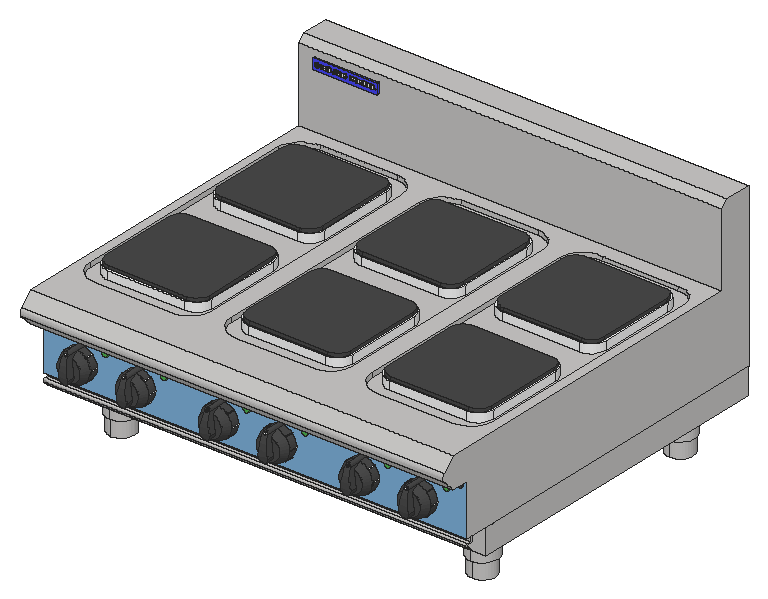
Revit family "QF_Moffat_E516S-B_Electric_Cooktop_cat", category Specialty Equipment, Revit 2019
Family settings
  Round Connector Dimension = Use Diameter
  Part Type = Normal
  Work Plane-Based = No
  Always vertical = Yes
  Cut with Voids When Loaded = No
  Shared = No
  Room Calculation Point = No
Parameters (values of type "E516S-B")
  Weight in Kilograms = 90
  Watts = 8800 W
  Volts = 400 V
  URL Cutsheet = ""
  Specification by User = ""
  Specification by Manufacturer = ""
  Show Logo [instance] = yes
  Serial Number = ""
  Seismic Rating = ""
  SMACNA No = ""
  Revision Code = ""
  Phase = 2
  Number of Poles = 1
  NAFEM Spec ID Number = ""
  Model = "E516S-B"
  Min Ckt Ampacity = 0 A
  Max Overcurrent Protection = 0 A
  Masterspec = ""
  Manufacturer = "Moffat"
  Length = 900 mm
  Item Number = ""
  Installed By = ""
  Identify Quantity as Lot = yes
  Height = 485 mm
  HP = ""
  Furnished By = ""
  Foodservice Equipment Identifier = yes
  FL Amps = 22 A
  Electrical Remarks = ""
  Electric Connection Type = ""
  Elec Conn RI Height = 0 mm
  Elec Conn Connection Height = 0 mm
  Description = "Electric Cooktop"
  Depth = 812.2 mm
  Cycle = 50 Hz
  Conn Plug = ""
  Conn Conduit = yes
  CSI MasterFormat = ""
  Apparent Power = if(Phase = 3, Volts * FL Amps * 1.73, Volts * FL Amps)  # 8800 VA
Reference planes
  plane 1 "BACK": y = 0
  plane 2: z = 0
  plane 3 "LEFT": x = 0
  plane 4 "RIGHT": x = 900
  plane 5 "FRONT": y = -812.2
  plane 6 "TOP": z = 485
  plane 7 "Center Y": x = 450
  plane 8 "Center X": y = -406.1
  plane 9: x = 65.5
  plane 10: x = 87.5
  plane 11: x = 211.766
  plane 12: y = -30
  plane 13: x = 770
  plane 14: x = 512.5
  plane 15: x = 388.234
  plane 16: x = 834.5
  plane 17: x = 812.5
  plane 18: x = 688.234
Forms (mm)
  Extrusion 1, solid, material "QF_Metal_Stainless_Polished"
    sketch origin (0, 0, 0) x (0, 1, 0) y (0, 0, 1)
      loop
        line (0, 140) -> (0, 485) -> (-57, 485) -> (-70, 472) -> (-70, 314.5) -> (-784.171, 314.5) -> (-808.685, 289.985)
        arc (-808.685, 289.985) -> (-812.2, 281.5) -> (-808.685, 273.015) r 12
        line (-808.685, 273.015) -> (-785.171, 249.5) -> (-749, 249.5) -> (-749, 140) -> (0, 140)
    from 0 to 900
  Extrusion 2, void
    sketch origin (0, -783.97, 314.5) x (0, 1, 0) y (-1, 0, 0)
      loop
        arc (683.77, -69) -> (669.125, -33.645) -> (633.77, -19) r 50
        line (633.77, -19) -> (133.569, -19)
        arc (133.569, -19) -> (98.214, -33.645) -> (83.569, -69) r 50
        line (83.569, -69) -> (83.569, -231)
        arc (83.569, -231) -> (98.214, -266.355) -> (133.569, -281) r 50
        line (133.569, -281) -> (633.77, -281)
        arc (633.77, -281) -> (669.125, -266.355) -> (683.77, -231) r 50
        line (683.77, -231) -> (683.77, -69)
      loop
        line (683.77, -831) -> (683.77, -669)
        arc (683.77, -669) -> (669.125, -633.645) -> (633.77, -619) r 50
        line (633.77, -619) -> (133.569, -619)
        arc (133.569, -619) -> (98.214, -633.645) -> (83.569, -669) r 50
        line (83.569, -669) -> (83.569, -831)
        arc (83.569, -831) -> (98.214, -866.355) -> (133.569, -881) r 50
        line (133.569, -881) -> (633.77, -881)
        arc (633.77, -881) -> (669.125, -866.355) -> (683.77, -831) r 50
      loop
        line (83.569, -369) -> (83.569, -531)
        arc (83.569, -531) -> (98.214, -566.355) -> (133.569, -581) r 50
        line (133.569, -581) -> (633.77, -581)
        arc (633.77, -581) -> (669.125, -566.355) -> (683.77, -531) r 50
        line (683.77, -531) -> (683.77, -369)
        arc (683.77, -369) -> (669.125, -333.645) -> (633.77, -319) r 50
        line (633.77, -319) -> (133.569, -319)
        arc (133.569, -319) -> (98.214, -333.645) -> (83.569, -369) r 50
    from 0 to -9.5
  Extrusion 3, solid, material "QF_Plastic_White_Smooth"
    sketch origin (0, -783.97, 305) x (0, 1, 0) y (-1, 0, 0)
      loop
        arc (647.77, -68) -> (638.397, -45.373) -> (615.77, -36) r 32
        line (615.77, -36) -> (451.569, -36)
        arc (451.569, -36) -> (428.942, -45.373) -> (419.569, -68) r 32
        line (419.569, -68) -> (419.569, -232)
        arc (419.569, -232) -> (428.942, -254.627) -> (451.569, -264) r 32
        line (451.569, -264) -> (615.77, -264)
        arc (615.77, -264) -> (638.397, -254.627) -> (647.77, -232) r 32
        line (647.77, -232) -> (647.77, -68)
      loop
        arc (347.569, -68) -> (338.197, -45.373) -> (315.569, -36) r 32
        line (315.569, -36) -> (151.569, -36)
        arc (151.569, -36) -> (128.942, -45.373) -> (119.569, -68) r 32
        line (119.569, -68) -> (119.569, -232)
        arc (119.569, -232) -> (128.942, -254.627) -> (151.569, -264) r 32
        line (151.569, -264) -> (315.569, -264)
        arc (315.569, -264) -> (338.197, -254.627) -> (347.569, -232) r 32
        line (347.569, -232) -> (347.569, -68)
      loop
        arc (647.77, -368) -> (638.397, -345.373) -> (615.77, -336) r 32
        line (615.77, -336) -> (451.569, -336)
        arc (451.569, -336) -> (428.942, -345.373) -> (419.569, -368) r 32
        line (419.569, -368) -> (419.569, -532)
        arc (419.569, -532) -> (428.942, -554.627) -> (451.569, -564) r 32
        line (451.569, -564) -> (615.77, -564)
        arc (615.77, -564) -> (638.397, -554.627) -> (647.77, -532) r 32
        line (647.77, -532) -> (647.77, -368)
      loop
        arc (347.569, -368) -> (338.197, -345.373) -> (315.569, -336) r 32
        line (315.569, -336) -> (151.569, -336)
        arc (151.569, -336) -> (128.942, -345.373) -> (119.569, -368) r 32
        line (119.569, -368) -> (119.569, -532)
        arc (119.569, -532) -> (128.942, -554.627) -> (151.569, -564) r 32
        line (151.569, -564) -> (315.569, -564)
        arc (315.569, -564) -> (338.197, -554.627) -> (347.569, -532) r 32
        line (347.569, -532) -> (347.569, -368)
      loop
        line (647.77, -832) -> (647.77, -668)
        arc (647.77, -668) -> (638.397, -645.373) -> (615.77, -636) r 32
        line (615.77, -636) -> (451.569, -636)
        arc (451.569, -636) -> (428.942, -645.373) -> (419.569, -668) r 32
        line (419.569, -668) -> (419.569, -832)
        arc (419.569, -832) -> (428.942, -854.627) -> (451.569, -864) r 32
        line (451.569, -864) -> (615.77, -864)
        arc (615.77, -864) -> (638.397, -854.627) -> (647.77, -832) r 32
      loop
        line (347.569, -832) -> (347.569, -668)
        arc (347.569, -668) -> (338.197, -645.373) -> (315.569, -636) r 32
        line (315.569, -636) -> (151.569, -636)
        arc (151.569, -636) -> (128.942, -645.373) -> (119.569, -668) r 32
        line (119.569, -668) -> (119.569, -832)
        arc (119.569, -832) -> (128.942, -854.627) -> (151.569, -864) r 32
        line (151.569, -864) -> (315.569, -864)
        arc (315.569, -864) -> (338.197, -854.627) -> (347.569, -832) r 32
    from 0 to 17.8
  Extrusion 4, solid, material "QF_Plastic_Black_Smooth"
    sketch origin (0, -783.97, 322.8) x (0, 1, 0) y (-1, 0, 0)
      loop
        arc (643.77, -67) -> (635.862, -47.908) -> (616.77, -40) r 27
        line (616.77, -40) -> (450.569, -40)
        arc (450.569, -40) -> (431.478, -47.908) -> (423.569, -67) r 27
        line (423.569, -67) -> (423.569, -233)
        arc (423.569, -233) -> (431.478, -252.092) -> (450.569, -260) r 27
        line (450.569, -260) -> (616.77, -260)
        arc (616.77, -260) -> (635.862, -252.092) -> (643.77, -233) r 27
        line (643.77, -233) -> (643.77, -67)
      loop
        arc (343.569, -67) -> (335.661, -47.908) -> (316.569, -40) r 27
        line (316.569, -40) -> (150.569, -40)
        arc (150.569, -40) -> (131.478, -47.908) -> (123.569, -67) r 27
        line (123.569, -67) -> (123.569, -233)
        arc (123.569, -233) -> (131.478, -252.092) -> (150.569, -260) r 27
        line (150.569, -260) -> (316.569, -260)
        arc (316.569, -260) -> (335.661, -252.092) -> (343.569, -233) r 27
        line (343.569, -233) -> (343.569, -67)
      loop
        line (643.77, -533) -> (643.77, -367)
        arc (643.77, -367) -> (635.862, -347.908) -> (616.77, -340) r 27
        line (616.77, -340) -> (450.569, -340)
        arc (450.569, -340) -> (431.478, -347.908) -> (423.569, -367) r 27
        line (423.569, -367) -> (423.569, -533)
        arc (423.569, -533) -> (431.478, -552.092) -> (450.569, -560) r 27
        line (450.569, -560) -> (616.77, -560)
        arc (616.77, -560) -> (635.862, -552.092) -> (643.77, -533) r 27
      loop
        line (343.569, -533) -> (343.569, -367)
        arc (343.569, -367) -> (335.661, -347.908) -> (316.569, -340) r 27
        line (316.569, -340) -> (150.569, -340)
        arc (150.569, -340) -> (131.478, -347.908) -> (123.569, -367) r 27
        line (123.569, -367) -> (123.569, -533)
        arc (123.569, -533) -> (131.478, -552.092) -> (150.569, -560) r 27
        line (150.569, -560) -> (316.569, -560)
        arc (316.569, -560) -> (335.661, -552.092) -> (343.569, -533) r 27
      loop
        line (643.77, -833) -> (643.77, -667)
        arc (643.77, -667) -> (635.862, -647.908) -> (616.77, -640) r 27
        line (616.77, -640) -> (450.569, -640)
        arc (450.569, -640) -> (431.478, -647.908) -> (423.569, -667) r 27
        line (423.569, -667) -> (423.569, -833)
        arc (423.569, -833) -> (431.478, -852.092) -> (450.569, -860) r 27
        line (450.569, -860) -> (616.77, -860)
        arc (616.77, -860) -> (635.862, -852.092) -> (643.77, -833) r 27
      loop
        line (343.569, -833) -> (343.569, -667)
        arc (343.569, -667) -> (335.661, -647.908) -> (316.569, -640) r 27
        line (316.569, -640) -> (150.569, -640)
        arc (150.569, -640) -> (131.478, -647.908) -> (123.569, -667) r 27
        line (123.569, -667) -> (123.569, -833)
        arc (123.569, -833) -> (131.478, -852.092) -> (150.569, -860) r 27
        line (150.569, -860) -> (316.569, -860)
        arc (316.569, -860) -> (335.661, -852.092) -> (343.569, -833) r 27
    from 0 to 6.1
  Extrusion 5, solid, material "QF_Metal_Stainless_Polished"
    sketch origin (0, 0, 0) x (0, 1, 0) y (0, 0, 1)
      loop
        line (-699, 85) -> (0, 85) -> (0, 140) -> (-699, 140) -> (-699, 85)
    from 0 to 900
  Extrusion 6, solid, material "QF_Metal_Stainless_Polished"
    sketch origin (0, 0, 0) x (0, 1, 0) y (0, 0, 1)
      loop
        line (-737.8, 140) -> (-737.8, 130) -> (-747.305, 130)
        arc (-747.305, 130) -> (-750.276, 128.015) -> (-749.579, 124.511) r 3.215
        line (-749.579, 124.511) -> (-739.05, 113.982) -> (-737.919, 115.113) -> (-748.447, 125.642)
        arc (-748.447, 125.642) -> (-748.797, 127.403) -> (-747.305, 128.4) r 1.615
        line (-747.305, 128.4) -> (-736.2, 128.4) -> (-736.2, 140) -> (-737.8, 140)
    from 0 to 900
  Extrusion 7, solid, material "QF_Metal_Stainless_Polished"
    sketch origin (450, 175.397, 1219.2) x (0, 1, 0) y (0, 0, 1)
      loop
        line (-874.397, -1109.2) -> (-896.434, -1109.2)
        arc (-896.434, -1109.2) -> (-898.034, -1110.8) -> (-896.434, -1112.4) r 1.6
        line (-896.434, -1112.4) -> (-874.397, -1112.4) -> (-874.397, -1109.2)
    from -400 to 400
  Extrusion 8, solid, material "QF_Paint_Green"
    sketch origin (0, -749, 140) x (0, 0, 1) y (-1, 0, 0)
      loop
        circle (84.8, -732.5) r 7.15
      loop
        circle (84.8, -857.5) r 7.15
      loop
        circle (84.8, -431.766) r 7.15
      loop
        circle (84.8, -556.766) r 7.15
      loop
        circle (84.8, -131.031) r 7.15
      loop
        circle (84.8, -256.031) r 7.15
    from 0 to 1.6
  Extrusion 9, solid, material "QF_Plastic_Black_Smooth"
    sketch origin (0, -749, 140) x (0, 0, 1) y (-1, 0, 0)
      loop
        circle (99.343, -13.157) r 5
      loop
        circle (99.343, -886.843) r 5
      loop
        circle (99.343, -87.5) r 5
      loop
        circle (99.343, -211.766) r 5
      loop
        circle (99.343, -388.234) r 5
      loop
        circle (99.343, -512.5) r 5
      loop
        circle (99.343, -688.234) r 5
      loop
        circle (99.343, -812.5) r 5
    from 0 to 1.6
  Extrusion 10, solid, material "QF_Metal_Stainless_Polished"
    sketch origin (-30, -697, 85) x (1, 0, 0) y (0, -1, 0)
      loop
        circle (800, -667) r 6.35
    from 0 to 1.6
Cuts and joins
  Extrusion 2 cuts Extrusion 1
Lines and regions (mm)
  symbolic lines
    curve 1: line (0, 0, 0) -> (900, 0, 0)
    curve 2: line (0, -812.2, 0) -> (0, 0, 0)
    curve 3: line (900, -812.2, 0) -> (0, -812.2, 0)
    curve 4: line (900, 0, 0) -> (900, -812.2, 0)
    curve 5: line (0, -784.171, 0) -> (900, -784.171, 0)
    curve 6: line (0, -57, 0) -> (900, -57, 0)
    curve 7: line (0, -70, 0) -> (900, -70, 0)
    curve 8: arc (19, -150.2, 0) -> (33.645, -114.845, 0) -> (69, -100.2, 0) r 50
    curve 9: line (69, -100.2, 0) -> (231, -100.2, 0)
    curve 10: arc (231, -100.2, 0) -> (266.355, -114.845, 0) -> (281, -150.2, 0) r 50
    curve 11: line (281, -150.2, 0) -> (281, -650.2, 0)
    curve 12: arc (281, -650.2, 0) -> (266.355, -685.555, 0) -> (231, -700.2, 0) r 50
    curve 13: line (231, -700.2, 0) -> (69, -700.2, 0)
    curve 14: arc (69, -700.2, 0) -> (33.645, -685.555, 0) -> (19, -650.2, 0) r 50
    curve 15: line (19, -650.2, 0) -> (19, -150.2, 0)
    curve 16: line (369, -100.2, 0) -> (531, -100.2, 0)
    curve 17: arc (531, -100.2, 0) -> (566.355, -114.845, 0) -> (581, -150.2, 0) r 50
    curve 18: line (581, -150.2, 0) -> (581, -650.2, 0)
    curve 19: arc (581, -650.2, 0) -> (566.355, -685.555, 0) -> (531, -700.2, 0) r 50
    curve 20: line (531, -700.2, 0) -> (369, -700.2, 0)
    curve 21: arc (369, -700.2, 0) -> (333.645, -685.555, 0) -> (319, -650.2, 0) r 50
    curve 22: line (319, -650.2, 0) -> (319, -150.2, 0)
    curve 23: arc (319, -150.2, 0) -> (333.645, -114.845, 0) -> (369, -100.2, 0) r 50
    curve 24: line (669, -100.2, 0) -> (831, -100.2, 0)
    curve 25: arc (831, -100.2, 0) -> (866.355, -114.845, 0) -> (881, -150.2, 0) r 50
    curve 26: line (881, -150.2, 0) -> (881, -650.2, 0)
    curve 27: arc (881, -650.2, 0) -> (866.355, -685.555, 0) -> (831, -700.2, 0) r 50
    curve 28: line (831, -700.2, 0) -> (669, -700.2, 0)
    curve 29: arc (669, -700.2, 0) -> (633.645, -685.555, 0) -> (619, -650.2, 0) r 50
    curve 30: line (619, -650.2, 0) -> (619, -150.2, 0)
    curve 31: arc (619, -150.2, 0) -> (633.645, -114.845, 0) -> (669, -100.2, 0) r 50
    curve 32: arc (668, -136.2, 0) -> (645.373, -145.573, 0) -> (636, -168.2, 0) r 32
    curve 33: line (636, -168.2, 0) -> (636, -332.2, 0)
    curve 34: arc (636, -332.2, 0) -> (645.373, -354.827, 0) -> (668, -364.2, 0) r 32
    curve 35: line (668, -364.2, 0) -> (832, -364.2, 0)
    curve 36: arc (832, -364.2, 0) -> (854.627, -354.827, 0) -> (864, -332.2, 0) r 32
    curve 37: line (864, -332.2, 0) -> (864, -168.2, 0)
    curve 38: arc (864, -168.2, 0) -> (854.627, -145.573, 0) -> (832, -136.2, 0) r 32
    curve 39: line (832, -136.2, 0) -> (668, -136.2, 0)
    curve 40: arc (667, -140.2, 0) -> (647.908, -148.108, 0) -> (640, -167.2, 0) r 27
    curve 41: line (640, -167.2, 0) -> (640, -333.2, 0)
    curve 42: arc (640, -333.2, 0) -> (647.908, -352.292, 0) -> (667, -360.2, 0) r 27
    curve 43: line (667, -360.2, 0) -> (833, -360.2, 0)
    curve 44: arc (833, -360.2, 0) -> (852.092, -352.292, 0) -> (860, -333.2, 0) r 27
    curve 45: line (860, -333.2, 0) -> (860, -167.2, 0)
    curve 46: arc (860, -167.2, 0) -> (852.092, -148.108, 0) -> (833, -140.2, 0) r 27
    curve 47: line (833, -140.2, 0) -> (667, -140.2, 0)
    curve 48: line (532, -136.2, 0) -> (368, -136.2, 0)
    curve 49: arc (368, -136.2, 0) -> (345.373, -145.573, 0) -> (336, -168.2, 0) r 32
    curve 50: line (336, -168.2, 0) -> (336, -332.2, 0)
    curve 51: arc (336, -332.2, 0) -> (345.373, -354.827, 0) -> (368, -364.2, 0) r 32
    curve 52: line (368, -364.2, 0) -> (532, -364.2, 0)
    curve 53: arc (532, -364.2, 0) -> (554.627, -354.827, 0) -> (564, -332.2, 0) r 32
    curve 54: line (564, -332.2, 0) -> (564, -168.2, 0)
    curve 55: arc (564, -168.2, 0) -> (554.627, -145.573, 0) -> (532, -136.2, 0) r 32
    curve 56: line (533, -140.2, 0) -> (367, -140.2, 0)
    curve 57: arc (367, -140.2, 0) -> (347.908, -148.108, 0) -> (340, -167.2, 0) r 27
    curve 58: line (340, -167.2, 0) -> (340, -333.2, 0)
    curve 59: arc (340, -333.2, 0) -> (347.908, -352.292, 0) -> (367, -360.2, 0) r 27
    curve 60: line (367, -360.2, 0) -> (533, -360.2, 0)
    curve 61: arc (533, -360.2, 0) -> (552.092, -352.292, 0) -> (560, -333.2, 0) r 27
    curve 62: line (560, -333.2, 0) -> (560, -167.2, 0)
    curve 63: arc (560, -167.2, 0) -> (552.092, -148.108, 0) -> (533, -140.2, 0) r 27
    curve 64: line (232, -136.2, 0) -> (68, -136.2, 0)
    curve 65: arc (68, -136.2, 0) -> (45.373, -145.573, 0) -> (36, -168.2, 0) r 32
    curve 66: line (36, -168.2, 0) -> (36, -332.2, 0)
    curve 67: arc (36, -332.2, 0) -> (45.373, -354.827, 0) -> (68, -364.2, 0) r 32
    curve 68: line (68, -364.2, 0) -> (232, -364.2, 0)
    curve 69: arc (232, -364.2, 0) -> (254.627, -354.827, 0) -> (264, -332.2, 0) r 32
    curve 70: line (264, -332.2, 0) -> (264, -168.2, 0)
    curve 71: arc (264, -168.2, 0) -> (254.627, -145.573, 0) -> (232, -136.2, 0) r 32
    curve 72: line (233, -140.2, 0) -> (67, -140.2, 0)
    curve 73: arc (67, -140.2, 0) -> (47.908, -148.108, 0) -> (40, -167.2, 0) r 27
    curve 74: line (40, -167.2, 0) -> (40, -333.2, 0)
    curve 75: arc (40, -333.2, 0) -> (47.908, -352.292, 0) -> (67, -360.2, 0) r 27
    curve 76: line (67, -360.2, 0) -> (233, -360.2, 0)
    curve 77: arc (233, -360.2, 0) -> (252.092, -352.292, 0) -> (260, -333.2, 0) r 27
    curve 78: line (260, -333.2, 0) -> (260, -167.2, 0)
    curve 79: arc (260, -167.2, 0) -> (252.092, -148.108, 0) -> (233, -140.2, 0) r 27
    curve 80: line (232, -436.2, 0) -> (68, -436.2, 0)
    curve 81: arc (68, -436.2, 0) -> (45.373, -445.573, 0) -> (36, -468.2, 0) r 32
    curve 82: line (36, -468.2, 0) -> (36, -632.2, 0)
    curve 83: arc (36, -632.2, 0) -> (45.373, -654.827, 0) -> (68, -664.2, 0) r 32
    curve 84: line (68, -664.2, 0) -> (232, -664.2, 0)
    curve 85: arc (232, -664.2, 0) -> (254.627, -654.827, 0) -> (264, -632.2, 0) r 32
    curve 86: line (264, -632.2, 0) -> (264, -468.2, 0)
    curve 87: arc (264, -468.2, 0) -> (254.627, -445.573, 0) -> (232, -436.2, 0) r 32
    curve 88: line (233, -440.2, 0) -> (67, -440.2, 0)
    curve 89: arc (67, -440.2, 0) -> (47.908, -448.108, 0) -> (40, -467.2, 0) r 27
    curve 90: line (40, -467.2, 0) -> (40, -633.2, 0)
    curve 91: arc (40, -633.2, 0) -> (47.908, -652.292, 0) -> (67, -660.2, 0) r 27
    curve 92: line (67, -660.2, 0) -> (233, -660.2, 0)
    curve 93: arc (233, -660.2, 0) -> (252.092, -652.292, 0) -> (260, -633.2, 0) r 27
    curve 94: line (260, -633.2, 0) -> (260, -467.2, 0)
    curve 95: arc (260, -467.2, 0) -> (252.092, -448.108, 0) -> (233, -440.2, 0) r 27
    curve 96: arc (340, -633.2, 0) -> (347.908, -652.292, 0) -> (367, -660.2, 0) r 27
    curve 97: line (367, -660.2, 0) -> (533, -660.2, 0)
    curve 98: arc (533, -660.2, 0) -> (552.092, -652.292, 0) -> (560, -633.2, 0) r 27
    curve 99: line (560, -633.2, 0) -> (560, -467.2, 0)
    curve 100: arc (560, -467.2, 0) -> (552.092, -448.108, 0) -> (533, -440.2, 0) r 27
    curve 101: line (533, -440.2, 0) -> (367, -440.2, 0)
    curve 102: arc (367, -440.2, 0) -> (347.908, -448.108, 0) -> (340, -467.2, 0) r 27
    curve 103: line (340, -467.2, 0) -> (340, -633.2, 0)
    curve 104: line (368, -664.2, 0) -> (532, -664.2, 0)
    curve 105: arc (532, -664.2, 0) -> (554.627, -654.827, 0) -> (564, -632.2, 0) r 32
    curve 106: line (564, -632.2, 0) -> (564, -468.2, 0)
    curve 107: arc (564, -468.2, 0) -> (554.627, -445.573, 0) -> (532, -436.2, 0) r 32
    curve 108: line (532, -436.2, 0) -> (368, -436.2, 0)
    curve 109: arc (368, -436.2, 0) -> (345.373, -445.573, 0) -> (336, -468.2, 0) r 32
    curve 110: line (336, -468.2, 0) -> (336, -632.2, 0)
    curve 111: arc (336, -632.2, 0) -> (345.373, -654.827, 0) -> (368, -664.2, 0) r 32
    curve 112: line (668, -664.2, 0) -> (832, -664.2, 0)
    curve 113: arc (832, -664.2, 0) -> (854.627, -654.827, 0) -> (864, -632.2, 0) r 32
    curve 114: line (864, -632.2, 0) -> (864, -468.2, 0)
    curve 115: arc (864, -468.2, 0) -> (854.627, -445.573, 0) -> (832, -436.2, 0) r 32
    curve 116: line (832, -436.2, 0) -> (668, -436.2, 0)
    curve 117: arc (668, -436.2, 0) -> (645.373, -445.573, 0) -> (636, -468.2, 0) r 32
    curve 118: line (636, -468.2, 0) -> (636, -632.2, 0)
    curve 119: arc (636, -632.2, 0) -> (645.373, -654.827, 0) -> (668, -664.2, 0) r 32
    curve 120: arc (640, -633.2, 0) -> (647.908, -652.292, 0) -> (667, -660.2, 0) r 27
    curve 121: line (667, -660.2, 0) -> (833, -660.2, 0)
    curve 122: arc (833, -660.2, 0) -> (852.092, -652.292, 0) -> (860, -633.2, 0) r 27
    curve 123: line (860, -633.2, 0) -> (860, -467.2, 0)
    curve 124: arc (860, -467.2, 0) -> (852.092, -448.108, 0) -> (833, -440.2, 0) r 27
    curve 125: line (833, -440.2, 0) -> (667, -440.2, 0)
    curve 126: arc (667, -440.2, 0) -> (647.908, -448.108, 0) -> (640, -467.2, 0) r 27
    curve 127: line (640, -467.2, 0) -> (640, -633.2, 0)
Dimensions and locks
  equal spacing: plane 3 "LEFT", plane 7 "Center Y", plane 4 "RIGHT"
  "Length": plane 3 "LEFT" to plane 4 "RIGHT"
  equal spacing: plane 5 "FRONT", plane 8 "Center X", plane 1 "BACK"
  "Depth": plane 5 "FRONT" to plane 1 "BACK"
  "Height": plane 6 "TOP" to level
  plane 4 "RIGHT" to plane 3 "LEFT" = 900 mm
  plane 1 "BACK" to cut or joined group of Extrusion 1, Extrusion 2 = 70 mm
  plane 1 "BACK" to plane 5 "FRONT" = 812.2 mm
  plane 6 "TOP" to plane 2 = 485 mm
  cut or joined group of Extrusion 1, Extrusion 2 to plane 2 = 314.5 mm
  plane 2 to Extrusion 5 = 85 mm
  plane 1 "BACK" to nested 5 = 100 mm
  nested 5 to nested 1 = 525 mm
  locked: plane 13 to plane 4 "RIGHT" at 130
  plane 9 to plane 16 = 769 mm
  plane 1 "BACK" to plane 12 = 30 mm
  aligned and locked: level to plane 2
Automatic sketch dimensions
  Extrusion 1 sketch curve to plane 6 "TOP" = 0 mm
  Extrusion 1 sketch curve to plane 1 "BACK" = 0 mm
  plane 1 "BACK" to Extrusion 1 sketch curve = 57 mm
  Extrusion 1 sketch curve to plane 6 "TOP" = 13 mm
  Extrusion 1 sketch curve to Extrusion 1 sketch curve = 13 mm
  Extrusion 1 sketch curve to plane 5 "FRONT" = 63.2 mm
  Extrusion 1 sketch curve to plane 5 "FRONT" = 28.029 mm
  Extrusion 1 sketch curve to plane 5 "FRONT" = 27.029 mm
  Extrusion 1 sketch curve to plane 5 "FRONT" = 12 mm
  Extrusion 1 sketch curve to plane 5 "FRONT" = 3.515 mm  (x2)
  Extrusion 1 sketch curve to plane 6 "TOP" = 170.5 mm
  Extrusion 1 sketch curve to Extrusion 1 sketch curve = 24.515 mm
  Extrusion 1 sketch curve to Extrusion 1 sketch curve = 8.485 mm
  Extrusion 1 sketch curve to Extrusion 1 sketch curve = 32 mm
  level to Extrusion 1 sketch curve = 140 mm
  Extrusion 5 sketch curve to plane 1 "BACK" = 0 mm
  Extrusion 5 sketch curve to plane 5 "FRONT" = 113.2 mm
  level to Extrusion 5 sketch curve = 85 mm
  Extrusion 5 sketch curve to Extrusion 5 sketch curve = 55 mm
  Extrusion 6 sketch curve to Extrusion 6 sketch curve = 0 mm  (x2)
  Extrusion 6 sketch curve to plane 5 "FRONT" = 62.621 mm
  Extrusion 6 sketch curve to Extrusion 6 sketch curve = 1.131 mm  (x3)
  Extrusion 6 sketch curve to Extrusion 6 sketch curve = 1.142 mm  (x2)
  Extrusion 6 sketch curve to Extrusion 6 sketch curve = 10.529 mm
  Extrusion 6 sketch curve to Extrusion 6 sketch curve = 9.505 mm
  Extrusion 6 sketch curve to Extrusion 6 sketch curve = 1.6 mm
  level to Extrusion 6 sketch curve = 113.982 mm
  Extrusion 6 sketch curve to Extrusion 6 sketch curve = 10 mm
  Extrusion 10 sketch curve to Extrusion 5 = 30 mm
  Extrusion 10 sketch curve to Extrusion 5 = 130 mm
  Extrusion 7 sketch curve to plane 5 "FRONT" = 91.163 mm
  Extrusion 7 sketch curve to Extrusion 7 sketch curve = 22.037 mm
  level to Extrusion 7 sketch curve = 106.8 mm
  Extrusion 7 sketch curve to Extrusion 7 sketch curve = 1.6 mm
  Extrusion 2 sketch curve to Extrusion 1 = 83.77 mm  (x2)
  Extrusion 1 to Extrusion 2 sketch curve = 19 mm
  Extrusion 2 sketch curve to Extrusion 2 sketch curve = 50 mm  (x9)
  Extrusion 1 to Extrusion 2 sketch curve = 80.2 mm  (x3)
  Extrusion 2 sketch curve to Extrusion 2 sketch curve = 0 mm  (x2)
  Extrusion 1 to Extrusion 2 sketch curve = 30.2 mm  (x2)
  Extrusion 2 sketch curve to Extrusion 2 sketch curve = 162 mm  (x2)
  Extrusion 2 sketch curve to Extrusion 2 sketch curve = 38 mm
  Extrusion 1 to Extrusion 2 sketch curve = 69 mm
  Extrusion 3 sketch curve to Extrusion 2 = 36 mm  (x3)
  Extrusion 3 sketch curve to Extrusion 3 sketch curve = 32 mm  (x18)
  Extrusion 3 sketch curve to Extrusion 2 = 17 mm  (x7)
  Extrusion 3 sketch curve to Extrusion 2 = 49 mm  (x3)
  Extrusion 3 sketch curve to Extrusion 3 sketch curve = 164 mm  (x5)
  Extrusion 3 sketch curve to Extrusion 3 sketch curve = 0 mm
  Extrusion 3 sketch curve to Extrusion 3 sketch curve = 72 mm  (x5)
  Extrusion 3 sketch curve to Extrusion 2 = 68 mm  (x6)
  Extrusion 4 sketch curve to Extrusion 3 = 4 mm  (x23)
  Extrusion 4 sketch curve to Extrusion 4 sketch curve = 27 mm  (x5)
  Extrusion 4 sketch curve to Extrusion 3 = 31 mm  (x20)
  Extrusion 2 sketch curve to Extrusion 2 sketch curve = 88 mm
  Extrusion 1 to Extrusion 8 sketch curve = 24.7 mm  (x6)
  Extrusion 1 to Extrusion 8 sketch curve = 42.5 mm
  Extrusion 8 sketch curve to Extrusion 8 sketch curve = 125 mm  (x3)
  Extrusion 8 sketch curve to Extrusion 8 sketch curve = 175.734 mm  (x2)
  curve 3 to plane 3 "LEFT" = 0 mm
  curve 3 to plane 4 "RIGHT" = 0 mm
  plane 1 "BACK" to curve 2 = 0 mm
  curve 4 to plane 5 "FRONT" = 0 mm
  curve 2 to curve 5 = 28.029 mm
  plane 12 to curve 6 = 27 mm
  curve 7 to curve 6 = 13 mm
  plane 3 "LEFT" to curve 15 = 19 mm
  curve 14 to plane 9 = 3.5 mm
  curve 8 to plane 9 = 3.5 mm
  plane 11 to curve 13 = 19.234 mm
  plane 11 to curve 9 = 19.234 mm
  curve 12 to curve 11 = 50 mm
  curve 5 to curve 13 = 83.971 mm
  curve 8 to curve 7 = 80.2 mm
  curve 11 to curve 22 = 38 mm
  plane 15 to curve 23 = 19.234 mm
  plane 15 to curve 21 = 19.234 mm
  plane 14 to curve 17 = 18.5 mm
  plane 14 to curve 20 = 18.5 mm
  curve 19 to curve 18 = 50 mm
  curve 20 to plane 5 "FRONT" = 112 mm
  curve 11 to curve 23 = 0 mm
  curve 18 to curve 30 = 38 mm
  plane 18 to curve 31 = 19.234 mm
  plane 18 to curve 29 = 19.234 mm
  curve 25 to plane 16 = 3.5 mm
  curve 28 to plane 16 = 3.5 mm
  plane 4 "RIGHT" to curve 26 = 19 mm
  curve 28 to curve 18 = 50 mm
  curve 17 to curve 30 = 0 mm
  curve 31 to curve 33 = 17 mm
  plane 18 to curve 34 = 20.234 mm
  curve 32 to curve 31 = 1 mm
  curve 35 to plane 16 = 2.5 mm
  curve 39 to plane 16 = 2.5 mm
  curve 37 to curve 25 = 17 mm
  plane 8 "Center X" to curve 35 = 41.9 mm
  curve 32 to curve 31 = 18 mm
  curve 33 to curve 41 = 4 mm
  curve 40 to curve 32 = 1 mm
  curve 42 to curve 34 = 1 mm
  curve 36 to curve 44 = 1 mm
  curve 38 to curve 46 = 1 mm
  curve 45 to curve 37 = 4 mm
  curve 36 to curve 43 = 4 mm
  curve 32 to curve 41 = 1 mm
  curve 23 to curve 50 = 17 mm
  curve 49 to curve 23 = 1 mm
  plane 15 to curve 51 = 20.234 mm
  plane 14 to curve 53 = 19.5 mm
  curve 17 to curve 55 = 1 mm
  curve 54 to curve 17 = 17 mm
  plane 8 "Center X" to curve 52 = 41.9 mm
  curve 49 to curve 23 = 18 mm
  curve 49 to curve 58 = 4 mm
  curve 60 to curve 51 = 1 mm
  curve 57 to curve 49 = 1 mm
  curve 53 to curve 61 = 1 mm
  curve 55 to curve 63 = 1 mm
  curve 62 to curve 54 = 4 mm
  curve 51 to curve 60 = 4 mm
  curve 49 to curve 57 = 1 mm
  curve 8 to curve 66 = 17 mm
  curve 68 to plane 9 = 2.5 mm
  curve 64 to plane 9 = 2.5 mm
  curve 10 to curve 71 = 1 mm
  plane 11 to curve 69 = 20.234 mm
  curve 70 to curve 10 = 17 mm
  plane 8 "Center X" to curve 68 = 41.9 mm
  curve 65 to curve 8 = 18 mm
  curve 65 to curve 74 = 4 mm
  curve 72 to plane 9 = 1.5 mm
  curve 75 to curve 67 = 1 mm
  curve 69 to curve 77 = 1 mm
  curve 71 to curve 79 = 1 mm  (x2)
  curve 78 to curve 70 = 4 mm
  curve 69 to curve 76 = 4 mm
  plane 9 to curve 82 = 29.5 mm
  curve 84 to plane 9 = 2.5 mm
  curve 81 to plane 9 = 2.5 mm
  curve 12 to curve 85 = 1 mm
  plane 11 to curve 87 = 20.234 mm
  curve 86 to curve 11 = 17 mm
  curve 84 to curve 14 = 14 mm
  curve 81 to plane 8 "Center X" = 62.1 mm
  curve 83 to curve 90 = 4 mm
  curve 91 to curve 83 = 1 mm
  curve 89 to curve 81 = 1 mm
  curve 87 to curve 88 = 1 mm
  curve 85 to curve 92 = 1 mm
  curve 94 to curve 86 = 4 mm
  curve 83 to curve 92 = 4 mm
  curve 81 to curve 89 = 1 mm
  curve 22 to curve 103 = 21 mm
  plane 15 to curve 101 = 21.234 mm
  curve 96 to curve 21 = 2 mm
  plane 14 to curve 101 = 20.5 mm
  curve 19 to curve 97 = 2 mm
  curve 100 to curve 99 = 27 mm
  curve 97 to curve 19 = 10 mm
  curve 103 to plane 8 "Center X" = 61.1 mm
  curve 110 to curve 96 = 4 mm
  curve 97 to curve 104 = 1 mm
  curve 102 to curve 109 = 1 mm
  curve 104 to curve 97 = 1 mm
  curve 108 to curve 101 = 1 mm
  curve 100 to curve 106 = 4 mm
  curve 104 to curve 97 = 4 mm
  curve 109 to curve 102 = 1 mm
  plane 18 to curve 118 = 52.234 mm
  curve 112 to curve 29 = 1 mm
  plane 18 to curve 116 = 20.234 mm
  curve 116 to plane 16 = 2.5 mm
  curve 113 to plane 16 = 2.5 mm
  curve 114 to curve 26 = 17 mm
  curve 112 to curve 29 = 14 mm
  curve 118 to plane 8 "Center X" = 62.1 mm
  curve 117 to curve 127 = 4 mm
  curve 126 to curve 117 = 1 mm
  curve 120 to curve 119 = 1 mm
  curve 115 to curve 124 = 1 mm
  curve 113 to curve 122 = 1 mm
  curve 123 to curve 114 = 4 mm
  curve 113 to curve 121 = 4 mm
  curve 117 to curve 127 = 1 mm
  Extrusion 1 to Extrusion 9 sketch curve = 10.157 mm  (x8)
  Extrusion 1 to Extrusion 9 sketch curve = 13.157 mm  (x2)
  Extrusion 9 sketch curve to Extrusion 9 sketch curve = 74.343 mm
  Extrusion 9 sketch curve to Extrusion 9 sketch curve = 124.266 mm  (x2)
  Extrusion 9 sketch curve to Extrusion 9 sketch curve = 175.734 mm
  Extrusion 9 sketch curve to Extrusion 9 sketch curve = 176.469 mm
  Extrusion 1 to Extrusion 9 sketch curve = 87.5 mm
  radius of Extrusion 10 sketch curve = 6.35 mm
  radius of Extrusion 8 sketch curve = 7.15 mm  (x6)
  radius of Extrusion 9 sketch curve = 5 mm  (x8)
Nested families
  nested 1: "Small Leg" at (33.75, -593.25, 0), type "Small Leg"
  nested 2: "Small Leg" at (866.25, -593.25, 0) x (-1, 0, 0) z (0, 0, 1), type "Small Leg"
  nested 3: "Knob" at (55.003, -749, 162.803), type "Knob"
  nested 4: "Knob" at (179.269, -749, 162.803), type "Knob"
  nested 5: "Small Leg" at (33.75, -68.25, 0), type "Small Leg"
  nested 6: "Small Leg" at (866.25, -68.25, 0) x (-1, 0, 0) z (0, 0, 1), type "Small Leg"
  nested 7: "QF_LOGO_BLue Seal" at (32, -70, 433.885), visible <- "Show Logo", type "QF_LOGO_BLue Seal"
  nested 8: "Knob" at (355.738, -749, 162.803), type "Knob"
  nested 9: "Knob" at (480.003, -749, 162.803), type "Knob"
  nested 10: "Knob" at (655.738, -749, 162.803), type "Knob"
  nested 11: "Knob" at (780.003, -749, 162.803), type "Knob"
Connectors
  electrical at (770, -30, 83.4), driven by "Volts", driven by "Watts"
    settings: on Extrusion 10, index 1, voltage 400 V, apparent load 8800 VA, apparent load phase1 0 VA, apparent load phase2 0 VA, apparent load phase3 0 VA, power factor 1, load classification "Other", number of poles 1, system type 30, power factor state 1, is connector primary yes, connector utility no, sub classification motor no, connector description "Electrical Connection"
Definition of nested family "Small Leg"
  Parameters (values of type "Small Leg")
    Weight in Pounds = 0
    URL Cutsheet = ""
    Specification by User = ""
    Specification by Manufacturer = ""
    Serial Number = ""
    Seismic Rating = ""
    SMACNA No = ""
    Revision Code = ""
    NAFEM Spec ID Number = ""
    Masterspec = ""
    Length = 63.5 mm
    Item Number = ""
    Installed By = ""
    Identify Quantity as Lot = yes
    Height = 85 mm
    Furnished By = ""
    Foodservice Equipment Identifier = yes
    Depth = 63.5 mm
    CSI MasterFormat = ""
  Reference planes
    plane 1 "BACK": y = 0
    plane 2: z = 0
    plane 3 "LEFT": x = 0
    plane 4 "RIGHT": x = 63.5
    plane 5 "FRONT": y = -63.5
    plane 6 "TOP": z = 85
    plane 7 "Center Y": x = 31.75
    plane 8 "Center X": y = -31.75
  Forms (mm)
    Revolve 1, solid
      sketch origin (31.75, 175.397, 1219.2) x (0, 1, 0) y (0, 0, 1)
        loop
          line (-207.147, -1134.2) -> (-207.147, -1219.2) -> (-179.647, -1219.2) -> (-179.647, -1184.2) -> (-175.397, -1184.2) -> (-175.397, -1134.2) -> (-207.147, -1134.2)
        axis (-207.147, -1134.2) -> (-207.147, -1219.2)
      angle from 0 to 360
  Dimensions and locks
    equal spacing: plane 3 "LEFT", plane 7 "Center Y", plane 4 "RIGHT"
    "Length": plane 3 "LEFT" to plane 4 "RIGHT"
    equal spacing: plane 5 "FRONT", plane 8 "Center X", plane 1 "BACK"
    "Depth": plane 5 "FRONT" to plane 1 "BACK"
    "Height": plane 6 "TOP" to level
    plane 4 "RIGHT" to plane 3 "LEFT" = 63.5 mm
    aligned and locked: level to plane 2
  Automatic sketch dimensions
    Revolve 1 sketch curve to plane 6 "TOP" = 0 mm
    Revolve 1 sketch curve to plane 8 "Center X" = 0 mm  (x2)
    Revolve 1 sketch curve to level = 0 mm  (x2)
    Revolve 1 sketch curve to plane 1 "BACK" = 0 mm
    Revolve 1 sketch curve to Revolve 1 sketch curve = 4.25 mm
    level to Revolve 1 sketch curve = 35 mm
    Revolve 1 sketch curve to Revolve 1 sketch curve = 20 mm
Definition of nested family "Knob"
  Parameters (values of type "Knob")
    Weight in Pounds = 0
    URL Cutsheet = ""
    Specification by User = ""
    Specification by Manufacturer = ""
    Serial Number = ""
    Seismic Rating = ""
    SMACNA No = ""
    Revision Code = ""
    NAFEM Spec ID Number = ""
    Masterspec = ""
    Length = 65 mm
    Item Number = ""
    Installed By = ""
    Identify Quantity as Lot = yes
    Height = 69.5 mm
    Furnished By = ""
    Foodservice Equipment Identifier = yes
    Depth = 59 mm
    CSI MasterFormat = ""
  Reference planes
    plane 1 "BACK": y = 0
    plane 2: z = 0
    plane 3 "LEFT": x = 0
    plane 4 "RIGHT": x = 65
    plane 5 "FRONT": y = -59
    plane 6 "TOP": z = 69.5
    plane 7 "Center Y": x = 32.5
    plane 8 "Center X": y = -29.5
  Forms (mm)
    Revolve 1, solid
      sketch origin (32.5, 175.397, 1219.2) x (0, 1, 0) y (0, 0, 1)
        loop
          line (-175.397, -1186.7) -> (-219.397, -1186.7) -> (-219.397, -1211.501) -> (-202.106, -1219.2) -> (-185.397, -1219.2) -> (-185.397, -1191.7) -> (-175.397, -1191.7) -> (-175.397, -1186.7)
        axis (-219.397, -1186.7) -> (-175.397, -1186.7)
      angle from 0 to 360
    Extrusion 2, solid
      sketch origin (32.5, 175.397, 1219.2) x (0, 1, 0) y (0, 0, 1)
        loop
          line (-202.106, -1154.2) -> (-185.397, -1154.2) -> (-185.397, -1149.7) -> (-224.105, -1149.7)
          arc (-224.105, -1149.7) -> (-233.965, -1178.467) -> (-230.696, -1208.7) r 70
          line (-230.696, -1208.7) -> (-219.397, -1208.7) -> (-219.397, -1161.899) -> (-202.106, -1154.2)
      from -15 to 15
    Extrusion 3, void
      sketch origin (0, 0, 0) x (1, 0, 0) y (0, 0, 1)
        loop
          line (27.501, 64.613) -> (22.02, 20.585)
          arc (22.02, 20.585) -> (32.792, 10.488) -> (42.986, 21.169) r 10.487
          line (42.986, 21.169) -> (37.499, 64.613)
          arc (37.499, 64.613) -> (32.5, 69.5) -> (27.501, 64.613) r 5
        loop
          line (10, 72.977) -> (10, 5.625) -> (55, 5.625) -> (55, 72.977) -> (10, 72.977)
      from 6.142 to 69.687
    Extrusion 4, solid
      sketch origin (0, -34.115, -16.916) x (1, 0, 0) y (0, 0.45399, 0.891007)
        loop
          circle (32.497, 65) r 2
      from 51.525 to 53.075
    Extrusion 5, solid
      sketch origin (32.5, -10, 32.5) x (0, 0, -1) y (-1, 0, 0)
        loop
          line (-23.54, -22.408) -> (-24.106, -22.974)
          arc (-24.106, -22.974) -> (-23.547, -23.547) -> (-22.974, -24.106) r 33.3
          line (-22.974, -24.106) -> (-22.408, -23.54)
          arc (-22.408, -23.54) -> (-22.981, -22.981) -> (-23.54, -22.408) r 32.5
        loop
          arc (-0.8, -33.29) -> (0, -33.3) -> (0.8, -33.29) r 33.3
          line (0.8, -33.29) -> (0.8, -32.49)
          arc (0.8, -32.49) -> (0, -32.5) -> (-0.8, -32.49) r 32.5
          line (-0.8, -32.49) -> (-0.8, -33.29)
        loop
          arc (23.54, -22.408) -> (22.981, -22.981) -> (22.408, -23.54) r 32.5
          line (22.408, -23.54) -> (22.974, -24.106)
          arc (22.974, -24.106) -> (23.547, -23.547) -> (24.106, -22.974) r 33.3
          line (24.106, -22.974) -> (23.54, -22.408)
        loop
          arc (-23.54, 22.408) -> (-22.981, 22.981) -> (-22.408, 23.54) r 32.5
          line (-22.408, 23.54) -> (-22.974, 24.106)
          arc (-22.974, 24.106) -> (-23.547, 23.547) -> (-24.106, 22.974) r 33.3
          line (-24.106, 22.974) -> (-23.54, 22.408)
        loop
          line (-0.8, 33.29) -> (-0.8, 32.49)
          arc (-0.8, 32.49) -> (0, 32.5) -> (0.8, 32.49) r 32.5
          line (0.8, 32.49) -> (0.8, 33.29)
          arc (0.8, 33.29) -> (0, 33.3) -> (-0.8, 33.29) r 33.3
        loop
          line (32.49, -0.8) -> (33.29, -0.8)
          arc (33.29, -0.8) -> (33.3, 0) -> (33.29, 0.8) r 33.3
          line (33.29, 0.8) -> (32.49, 0.8)
          arc (32.49, 0.8) -> (32.5, 0) -> (32.49, -0.8) r 32.5
        loop
          arc (24.106, 22.974) -> (23.547, 23.547) -> (22.974, 24.106) r 33.3
          line (22.974, 24.106) -> (22.408, 23.54)
          arc (22.408, 23.54) -> (22.981, 22.981) -> (23.54, 22.408) r 32.5
          line (23.54, 22.408) -> (24.106, 22.974)
      from 0 to -16.709
  Cuts and joins
    Extrusion 3 cuts Extrusion 2
  Dimensions and locks
    equal spacing: plane 3 "LEFT", plane 7 "Center Y", plane 4 "RIGHT"
    "Length": plane 3 "LEFT" to plane 4 "RIGHT"
    equal spacing: plane 5 "FRONT", plane 8 "Center X", plane 1 "BACK"
    "Depth": plane 5 "FRONT" to plane 1 "BACK"
    "Height": plane 6 "TOP" to level
    plane 4 "RIGHT" to plane 3 "LEFT" = 65 mm
    aligned and locked: level to plane 2
  Automatic sketch dimensions
    Revolve 1 sketch curve to level = 0 mm
    Revolve 1 sketch curve to plane 1 "BACK" = 0 mm  (x2)
    plane 1 "BACK" to Revolve 1 sketch curve = 10 mm
    plane 8 "Center X" to Revolve 1 sketch curve = 2.791 mm
    Revolve 1 sketch curve to plane 8 "Center X" = 14.5 mm
    level to Revolve 1 sketch curve = 7.699 mm
    level to Revolve 1 sketch curve = 27.5 mm
    Revolve 1 sketch curve to Revolve 1 sketch curve = 5 mm
    Revolve 1 sketch curve to Revolve 1 sketch curve = 35 mm
    Revolve 1 sketch curve to Revolve 1 sketch curve = 0 mm
    Extrusion 2 sketch curve to plane 6 "TOP" = 0 mm
    Extrusion 2 sketch curve to plane 5 "FRONT" = 3.702 mm
    Extrusion 2 sketch curve to plane 5 "FRONT" = 10.293 mm
    Extrusion 2 sketch curve to Extrusion 2 sketch curve = 11.298 mm
    plane 8 "Center X" to Extrusion 2 sketch curve = 2.791 mm
    plane 1 "BACK" to Extrusion 2 sketch curve = 10 mm
    Extrusion 2 sketch curve to plane 1 "BACK" = 11 mm
    Extrusion 2 sketch curve to plane 6 "TOP" = 4.5 mm
    Extrusion 2 sketch curve to plane 6 "TOP" = 12.199 mm
    level to Extrusion 2 sketch curve = 32.962 mm
    level to Extrusion 3 sketch curve = 5.625 mm
    Extrusion 3 sketch curve to plane 7 "Center Y" = 0 mm  (x2)
    Extrusion 3 sketch curve to plane 7 "Center Y" = 4.999 mm
    Extrusion 3 sketch curve to plane 7 "Center Y" = 10.48 mm
    plane 6 "TOP" to Extrusion 3 sketch curve = 3.477 mm
    plane 3 "LEFT" to Extrusion 3 sketch curve = 10 mm
    Extrusion 3 sketch curve to plane 6 "TOP" = 4.887 mm
    Extrusion 3 sketch curve to Extrusion 3 sketch curve = 4.999 mm
    plane 7 "Center Y" to Extrusion 3 sketch curve = 10.486 mm
    level to Extrusion 3 sketch curve = 20.585 mm
    Extrusion 3 sketch curve to Extrusion 3 sketch curve = 0.387 mm
    Extrusion 3 sketch curve to Extrusion 3 sketch curve = 0.113 mm
    plane 4 "RIGHT" to Extrusion 3 sketch curve = 10 mm
    Extrusion 5 sketch curve to Revolve 1 = 32.49 mm
    Revolve 1 to Extrusion 5 sketch curve = 32.49 mm
    Extrusion 5 sketch curve to Revolve 1 = 23.54 mm  (x2)
    Revolve 1 to Extrusion 5 sketch curve = 23.54 mm  (x2)
    Extrusion 5 sketch curve to Revolve 1 = 24.106 mm  (x2)
    Revolve 1 to Extrusion 5 sketch curve = 24.106 mm  (x2)
    Revolve 1 to Extrusion 5 sketch curve = 22.408 mm  (x2)
    Extrusion 5 sketch curve to Revolve 1 = 22.408 mm  (x2)
    Revolve 1 to Extrusion 5 sketch curve = 22.974 mm  (x2)
    Extrusion 5 sketch curve to Revolve 1 = 22.974 mm  (x2)
    Extrusion 5 sketch curve to Extrusion 5 sketch curve = 1.6 mm  (x2)
    Revolve 1 to Extrusion 5 sketch curve = 0.8 mm
    Extrusion 5 sketch curve to Revolve 1 = 0.8 mm
    Extrusion 4 sketch curve to plane 7 "Center Y" = 0.003 mm
    radius of Extrusion 5 sketch curve to Revolve 1 = 0 mm  (x7)
    radius of Revolve 1 to Extrusion 5 sketch curve = 0.8 mm  (x7)
    radius of Extrusion 4 sketch curve = 2 mm
Definition of nested family "QF_LOGO_BLue Seal"
  Parameters (values of type "QF_LOGO_BLue Seal")
    Weight in Pounds = 0
    URL Cutsheet = ""
    Specification by User = ""
    Specification by Manufacturer = ""
    Serial Number = ""
    Seismic Rating = ""
    SMACNA No = ""
    Revision Code = ""
    NAFEM Spec ID Number = ""
    Masterspec = ""
    Length = 138 mm
    Item Number = ""
    Installed By = ""
    Identify Quantity as Lot = yes
    Height = 23 mm
    Furnished By = ""
    Foodservice Equipment Identifier = yes
    Depth = 3.175 mm
    CSI MasterFormat = ""
  Reference planes
    plane 1 "BACK": y = 0
    plane 2: z = 0
    plane 3 "LEFT": x = 0
    plane 4 "RIGHT": x = 138
    plane 5 "FRONT": y = -3.175
    plane 6 "TOP": z = 23
    plane 7 "Center Y": x = 69
    plane 8 "Center X": y = -1.587
  Forms (mm)
    Extrusion 1, solid
      sketch origin (0, 0, 0) x (1, 0, 0) y (0, 0, 1)
        loop
          arc (2, 23) -> (0.586, 22.414) -> (0, 21) r 2
          line (0, 21) -> (0, 2)
          arc (0, 2) -> (0.586, 0.586) -> (2, 0) r 2
          line (2, 0) -> (136, 0)
          arc (136, 0) -> (137.414, 0.586) -> (138, 2) r 2
          line (138, 2) -> (138, 21)
          arc (138, 21) -> (137.414, 22.414) -> (136, 23) r 2
          line (136, 23) -> (2, 23)
        loop
          arc (16.625, 15.317) -> (15.943, 15.034) -> (15.66, 14.352) r 0.965
          line (15.66, 14.352) -> (15.66, 8.169)
          arc (15.66, 8.169) -> (15.953, 7.461) -> (16.66, 7.169) r 1
          line (16.66, 7.169) -> (27.958, 7.169)
          arc (27.958, 7.169) -> (29.995, 9.206) -> (27.958, 11.243) r 2.037
          arc (27.958, 11.243) -> (29.995, 13.28) -> (27.958, 15.317) r 2.037
          line (27.958, 15.317) -> (16.625, 15.317)
        loop
          line (21.163, 13.835) -> (21.163, 12.291) -> (23.596, 12.291)
          arc (23.596, 12.291) -> (24.368, 13.063) -> (23.596, 13.835) r 0.772
          line (23.596, 13.835) -> (21.163, 13.835)
        loop
          line (21.163, 8.544) -> (23.596, 8.544)
          arc (23.596, 8.544) -> (24.368, 9.316) -> (23.596, 10.089) r 0.772
          line (23.596, 10.089) -> (21.163, 10.089) -> (21.163, 8.544)
        loop
          arc (32.475, 15.317) -> (31.768, 15.024) -> (31.475, 14.317) r 1
          line (31.475, 14.317) -> (31.475, 8.169)
          arc (31.475, 8.169) -> (31.768, 7.461) -> (32.475, 7.169) r 1
          line (32.475, 7.169) -> (41.849, 7.169)
          arc (41.849, 7.169) -> (42.859, 8.178) -> (41.849, 9.188) r 1.01
          line (41.849, 9.188) -> (37.262, 9.188) -> (37.262, 14.317)
          arc (37.262, 14.317) -> (36.969, 15.024) -> (36.262, 15.317) r 1
          line (36.262, 15.317) -> (32.475, 15.317)
        loop
          arc (44.648, 15.317) -> (43.941, 15.024) -> (43.648, 14.317) r 1
          line (43.648, 14.317) -> (43.648, 9.124)
          arc (43.648, 9.124) -> (44.221, 7.741) -> (45.604, 7.169) r 1.956
          line (45.604, 7.169) -> (55.306, 7.169)
          arc (55.306, 7.169) -> (56.749, 7.766) -> (57.347, 9.209) r 2.04
          line (57.347, 9.209) -> (57.347, 14.358)
          arc (57.347, 14.358) -> (57.066, 15.036) -> (56.388, 15.317) r 0.959
          line (56.388, 15.317) -> (52.676, 15.317)
          arc (52.676, 15.317) -> (51.968, 15.024) -> (51.676, 14.317) r 1
          line (51.676, 14.317) -> (51.676, 10.17)
          arc (51.676, 10.17) -> (50.529, 9.024) -> (49.383, 10.17) r 1.146
          line (49.383, 10.17) -> (49.383, 14.317)
          arc (49.383, 14.317) -> (49.09, 15.024) -> (48.383, 15.317) r 1
          line (48.383, 15.317) -> (44.648, 15.317)
        loop
          arc (60.035, 15.317) -> (59.328, 15.024) -> (59.035, 14.317) r 1
          line (59.035, 14.317) -> (59.035, 8.169)
          arc (59.035, 8.169) -> (59.328, 7.461) -> (60.035, 7.169) r 1
          line (60.035, 7.169) -> (69.845, 7.169)
          arc (69.845, 7.169) -> (70.828, 8.152) -> (69.845, 9.135) r 0.983
          line (69.845, 9.135) -> (65.06, 9.135) -> (65.06, 10.415) -> (69.988, 10.415)
          arc (69.988, 10.415) -> (70.828, 11.255) -> (69.988, 12.095) r 0.84
          line (69.988, 12.095) -> (65.06, 12.095) -> (65.06, 13.215) -> (69.777, 13.215)
          arc (69.777, 13.215) -> (70.828, 14.266) -> (69.777, 15.317) r 1.051
          line (69.777, 15.317) -> (60.035, 15.317)
        loop
          line (77.315, 14.317) -> (77.315, 11.634)
          arc (77.315, 11.634) -> (77.608, 10.927) -> (78.315, 10.634) r 1
          line (78.315, 10.634) -> (85.957, 10.634) -> (85.957, 8.756) -> (82.871, 8.756) -> (82.871, 9.708) -> (77.315, 9.708) -> (77.315, 8.169)
          arc (77.315, 8.169) -> (77.608, 7.461) -> (78.315, 7.169) r 1
          line (78.315, 7.169) -> (90.614, 7.169)
          arc (90.614, 7.169) -> (91.321, 7.461) -> (91.614, 8.169) r 1
          line (91.614, 8.169) -> (91.614, 11.073)
          arc (91.614, 11.073) -> (91.322, 11.778) -> (90.617, 12.07) r 0.996
          line (90.617, 12.07) -> (82.871, 12.07) -> (82.871, 13.786) -> (85.957, 13.786) -> (85.957, 12.856) -> (91.614, 12.856) -> (91.614, 14.317)
          arc (91.614, 14.317) -> (91.321, 15.024) -> (90.614, 15.317) r 1
          line (90.614, 15.317) -> (78.315, 15.317)
          arc (78.315, 15.317) -> (77.608, 15.024) -> (77.315, 14.317) r 1
        loop
          arc (107.404, 15.317) -> (106.697, 15.024) -> (106.404, 14.317) r 1
          line (106.404, 14.317) -> (106.404, 8.169)
          arc (106.404, 8.169) -> (106.697, 7.461) -> (107.404, 7.169) r 1
          line (107.404, 7.169) -> (111.34, 7.169)
          arc (111.34, 7.169) -> (112.047, 7.461) -> (112.34, 8.169) r 1
          line (112.34, 8.169) -> (112.34, 9.135) -> (115.1, 9.135) -> (115.1, 8.169)
          arc (115.1, 8.169) -> (115.393, 7.461) -> (116.1, 7.169) r 1
          line (116.1, 7.169) -> (119.975, 7.169)
          arc (119.975, 7.169) -> (120.682, 7.461) -> (120.975, 8.169) r 1
          line (120.975, 8.169) -> (120.975, 14.317)
          arc (120.975, 14.317) -> (120.682, 15.024) -> (119.975, 15.317) r 1
          line (119.975, 15.317) -> (107.404, 15.317)
        loop
          arc (94.016, 15.317) -> (93.309, 15.024) -> (93.016, 14.317) r 1
          line (93.016, 14.317) -> (93.016, 8.169)
          arc (93.016, 8.169) -> (93.309, 7.461) -> (94.016, 7.169) r 1
          line (94.016, 7.169) -> (103.826, 7.169)
          arc (103.826, 7.169) -> (104.809, 8.152) -> (103.826, 9.135) r 0.983
          line (103.826, 9.135) -> (99.041, 9.135) -> (99.041, 10.415) -> (103.969, 10.415)
          arc (103.969, 10.415) -> (104.809, 11.255) -> (103.969, 12.095) r 0.84
          line (103.969, 12.095) -> (99.041, 12.095) -> (99.041, 13.215) -> (103.759, 13.215)
          arc (103.759, 13.215) -> (104.809, 14.266) -> (103.759, 15.317) r 1.051
          line (103.759, 15.317) -> (94.016, 15.317)
        loop
          line (112.34, 11.583) -> (115.1, 11.583) -> (115.1, 12.915)
          arc (115.1, 12.915) -> (114.954, 13.268) -> (114.6, 13.415) r 0.5
          line (114.6, 13.415) -> (112.84, 13.415)
          arc (112.84, 13.415) -> (112.487, 13.268) -> (112.34, 12.915) r 0.5
          line (112.34, 12.915) -> (112.34, 11.583)
        loop
          arc (123.692, 15.317) -> (122.985, 15.024) -> (122.692, 14.317) r 1
          line (122.692, 14.317) -> (122.692, 8.169)
          arc (122.692, 8.169) -> (122.985, 7.461) -> (123.692, 7.169) r 1
          line (123.692, 7.169) -> (133.067, 7.169)
          arc (133.067, 7.169) -> (134.076, 8.178) -> (133.067, 9.188) r 1.01
          line (133.067, 9.188) -> (128.479, 9.188) -> (128.479, 14.317)
          arc (128.479, 14.317) -> (128.186, 15.024) -> (127.479, 15.317) r 1
          line (127.479, 15.317) -> (123.692, 15.317)
        loop
          circle (8.135, 11.2) r 4.581
      from 0 to 3.2
    Extrusion 2, solid
      sketch origin (0, 0, 0) x (1, 0, 0) y (0, 0, 1)
        loop
          circle (8.135, 11.2) r 4.581
        loop
          line (8.289, 15.169) -> (8.289, 7.231)
          arc (8.289, 7.231) -> (12.08, 11.2) -> (8.289, 15.169) r 3.973
        loop
          arc (16.625, 15.317) -> (15.943, 15.034) -> (15.66, 14.352) r 0.965
          line (15.66, 14.352) -> (15.66, 8.169)
          arc (15.66, 8.169) -> (15.953, 7.461) -> (16.66, 7.169) r 1
          line (16.66, 7.169) -> (27.958, 7.169)
          arc (27.958, 7.169) -> (29.995, 9.206) -> (27.958, 11.243) r 2.037
          arc (27.958, 11.243) -> (29.995, 13.28) -> (27.958, 15.317) r 2.037
          line (27.958, 15.317) -> (16.625, 15.317)
        loop
          line (21.163, 12.291) -> (23.596, 12.291)
          arc (23.596, 12.291) -> (24.368, 13.063) -> (23.596, 13.835) r 0.772
          line (23.596, 13.835) -> (21.163, 13.835) -> (21.163, 12.291)
        loop
          line (23.596, 10.089) -> (21.163, 10.089) -> (21.163, 8.544) -> (23.596, 8.544)
          arc (23.596, 8.544) -> (24.368, 9.316) -> (23.596, 10.089) r 0.772
        loop
          arc (37.262, 14.317) -> (36.969, 15.024) -> (36.262, 15.317) r 1
          line (36.262, 15.317) -> (32.475, 15.317)
          arc (32.475, 15.317) -> (31.768, 15.024) -> (31.475, 14.317) r 1
          line (31.475, 14.317) -> (31.475, 8.169)
          arc (31.475, 8.169) -> (31.768, 7.461) -> (32.475, 7.169) r 1
          line (32.475, 7.169) -> (41.849, 7.169)
          arc (41.849, 7.169) -> (42.859, 8.178) -> (41.849, 9.188) r 1.01
          line (41.849, 9.188) -> (37.262, 9.188) -> (37.262, 14.317)
        loop
          arc (43.648, 9.124) -> (44.221, 7.741) -> (45.604, 7.169) r 1.956
          line (45.604, 7.169) -> (55.306, 7.169)
          arc (55.306, 7.169) -> (56.749, 7.766) -> (57.347, 9.209) r 2.04
          line (57.347, 9.209) -> (57.347, 14.358)
          arc (57.347, 14.358) -> (57.066, 15.036) -> (56.388, 15.317) r 0.959
          line (56.388, 15.317) -> (52.676, 15.317)
          arc (52.676, 15.317) -> (51.968, 15.024) -> (51.676, 14.317) r 1
          line (51.676, 14.317) -> (51.676, 10.17)
          arc (51.676, 10.17) -> (50.529, 9.024) -> (49.383, 10.17) r 1.146
          line (49.383, 10.17) -> (49.383, 14.317)
          arc (49.383, 14.317) -> (49.09, 15.024) -> (48.383, 15.317) r 1
          line (48.383, 15.317) -> (44.648, 15.317)
          arc (44.648, 15.317) -> (43.941, 15.024) -> (43.648, 14.317) r 1
          line (43.648, 14.317) -> (43.648, 9.124)
        loop
          arc (69.777, 13.215) -> (70.828, 14.266) -> (69.777, 15.317) r 1.051
          line (69.777, 15.317) -> (60.035, 15.317)
          arc (60.035, 15.317) -> (59.328, 15.024) -> (59.035, 14.317) r 1
          line (59.035, 14.317) -> (59.035, 8.169)
          arc (59.035, 8.169) -> (59.328, 7.461) -> (60.035, 7.169) r 1
          line (60.035, 7.169) -> (69.845, 7.169)
          arc (69.845, 7.169) -> (70.828, 8.152) -> (69.845, 9.135) r 0.983
          line (69.845, 9.135) -> (65.06, 9.135) -> (65.06, 10.415) -> (69.988, 10.415)
          arc (69.988, 10.415) -> (70.828, 11.255) -> (69.988, 12.095) r 0.84
          line (69.988, 12.095) -> (65.06, 12.095) -> (65.06, 13.215) -> (69.777, 13.215)
        loop
          line (82.871, 13.786) -> (85.957, 13.786) -> (85.957, 12.856) -> (91.614, 12.856) -> (91.614, 14.317)
          arc (91.614, 14.317) -> (91.321, 15.024) -> (90.614, 15.317) r 1
          line (90.614, 15.317) -> (78.315, 15.317)
          arc (78.315, 15.317) -> (77.608, 15.024) -> (77.315, 14.317) r 1
          line (77.315, 14.317) -> (77.315, 11.634)
          arc (77.315, 11.634) -> (77.608, 10.927) -> (78.315, 10.634) r 1
          line (78.315, 10.634) -> (85.957, 10.634) -> (85.957, 8.756) -> (82.871, 8.756) -> (82.871, 9.708) -> (77.315, 9.708) -> (77.315, 8.169)
          arc (77.315, 8.169) -> (77.608, 7.461) -> (78.315, 7.169) r 1
          line (78.315, 7.169) -> (90.614, 7.169)
          arc (90.614, 7.169) -> (91.321, 7.461) -> (91.614, 8.169) r 1
          line (91.614, 8.169) -> (91.614, 11.073)
          arc (91.614, 11.073) -> (91.322, 11.778) -> (90.617, 12.07) r 0.996
          line (90.617, 12.07) -> (82.871, 12.07) -> (82.871, 13.786)
        loop
          arc (103.759, 13.215) -> (104.809, 14.266) -> (103.759, 15.317) r 1.051
          line (103.759, 15.317) -> (94.016, 15.317)
          arc (94.016, 15.317) -> (93.309, 15.024) -> (93.016, 14.317) r 1
          line (93.016, 14.317) -> (93.016, 8.169)
          arc (93.016, 8.169) -> (93.309, 7.461) -> (94.016, 7.169) r 1
          line (94.016, 7.169) -> (103.826, 7.169)
          arc (103.826, 7.169) -> (104.809, 8.152) -> (103.826, 9.135) r 0.983
          line (103.826, 9.135) -> (99.041, 9.135) -> (99.041, 10.415) -> (103.969, 10.415)
          arc (103.969, 10.415) -> (104.809, 11.255) -> (103.969, 12.095) r 0.84
          line (103.969, 12.095) -> (99.041, 12.095) -> (99.041, 13.215) -> (103.759, 13.215)
        loop
          line (112.34, 12.915) -> (112.34, 11.583) -> (115.1, 11.583) -> (115.1, 12.915)
          arc (115.1, 12.915) -> (114.954, 13.268) -> (114.6, 13.415) r 0.5
          line (114.6, 13.415) -> (112.84, 13.415)
          arc (112.84, 13.415) -> (112.487, 13.268) -> (112.34, 12.915) r 0.5
        loop
          arc (119.975, 7.169) -> (120.682, 7.461) -> (120.975, 8.169) r 1
          line (120.975, 8.169) -> (120.975, 14.317)
          arc (120.975, 14.317) -> (120.682, 15.024) -> (119.975, 15.317) r 1
          line (119.975, 15.317) -> (107.404, 15.317)
          arc (107.404, 15.317) -> (106.697, 15.024) -> (106.404, 14.317) r 1
          line (106.404, 14.317) -> (106.404, 8.169)
          arc (106.404, 8.169) -> (106.697, 7.461) -> (107.404, 7.169) r 1
          line (107.404, 7.169) -> (111.34, 7.169)
          arc (111.34, 7.169) -> (112.047, 7.461) -> (112.34, 8.169) r 1
          line (112.34, 8.169) -> (112.34, 9.135) -> (115.1, 9.135) -> (115.1, 8.169)
          arc (115.1, 8.169) -> (115.393, 7.461) -> (116.1, 7.169) r 1
          line (116.1, 7.169) -> (119.975, 7.169)
        loop
          arc (122.692, 8.169) -> (122.985, 7.461) -> (123.692, 7.169) r 1
          line (123.692, 7.169) -> (133.067, 7.169)
          arc (133.067, 7.169) -> (134.076, 8.178) -> (133.067, 9.188) r 1.01
          line (133.067, 9.188) -> (128.479, 9.188) -> (128.479, 14.317)
